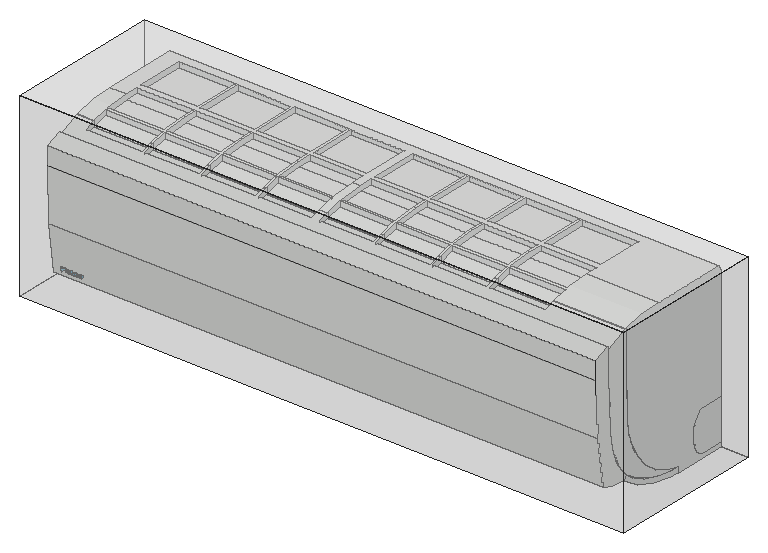
Revit family "outputfile", category 機械設備, Revit 2024 (continued)
Definition of nested family "DAIKIN_indoorunit_FTKC-TVM4"
  Automatic sketch dimensions
    Extrusion 23 sketch curve to level = 250.0 mm
    Extrusion 23 sketch curve to Extrusion 23 sketch curve = 229.518 mm
    Extrusion 23 sketch curve to Extrusion 23 sketch curve = 9.433 mm
    plane 1 "Center (Front/Back)" to Extrusion 25 sketch curve = 0.0 mm
    plane 1 "Center (Front/Back)" to Extrusion 25 sketch curve = 35.8 mm
    Extrusion 25 sketch curve to Extrusion 25 sketch curve = 0.0 mm
    Extrusion 25 sketch curve to Extrusion 25 sketch curve = 24.0 mm
    Extrusion 25 sketch curve to level = 287.0 mm
    Extrusion 25 sketch curve to Extrusion 25 sketch curve = 24.6 mm
    plane 1 "Center (Front/Back)" to Extrusion 26 sketch curve = 0.0 mm
    plane 1 "Center (Front/Back)" to Extrusion 26 sketch curve = 35.8 mm
    Extrusion 26 sketch curve to Extrusion 26 sketch curve = 0.0 mm
    Extrusion 26 sketch curve to Extrusion 26 sketch curve = 24.0 mm
    Extrusion 26 sketch curve to level = 287.0 mm
    Extrusion 26 sketch curve to Extrusion 26 sketch curve = 24.6 mm
    plane 8 to Extrusion 27 sketch curve = 48.0 mm
    plane 5 to Extrusion 27 sketch curve = 50.0 mm
    Extrusion 27 sketch curve to level = 250.5 mm  (x2)
    plane 1 "Center (Front/Back)" to Extrusion 28 sketch curve = 0.0 mm  (x2)
    plane 1 "Center (Front/Back)" to Extrusion 28 sketch curve = 35.8 mm  (x2)
    Extrusion 28 sketch curve to Extrusion 28 sketch curve = 0.0 mm  (x2)
    Extrusion 28 sketch curve to Extrusion 28 sketch curve = 24.0 mm  (x2)
    plane 8 to Extrusion 28 sketch curve = 26.2 mm
    Extrusion 28 sketch curve to Extrusion 28 sketch curve = 24.6 mm  (x2)
    plane 5 to Extrusion 28 sketch curve = 11.2 mm
    plane 8 to Extrusion 24 sketch curve = 30.0 mm  (x2)
    Extrusion 24 sketch curve to plane 6 = 10.1 mm  (x5)
    Extrusion 24 sketch curve to Extrusion 24 sketch curve = 0.0 mm  (x41)
    plane 4 to Extrusion 24 sketch curve = 22.0 mm
    Extrusion 24 sketch curve to Extrusion 24 sketch curve = 4.2 mm  (x18)
    Extrusion 24 sketch curve to Extrusion 24 sketch curve = 98.2 mm  (x4)
    Extrusion 24 sketch curve to plane 3 "Center (Left/Right)" = 57.0 mm
    Extrusion 24 sketch curve to Extrusion 24 sketch curve = 14.0 mm  (x2)
    plane 3 "Center (Left/Right)" to Extrusion 24 sketch curve = 54.0 mm
    plane 1 "Center (Front/Back)" to Extrusion 24 sketch curve = 22.7 mm  (x3)
    Extrusion 24 sketch curve to plane 5 = 20.0 mm
    Extrusion 24 sketch curve to Extrusion 24 sketch curve = 44.0 mm  (x5)
    Extrusion 24 sketch curve to Extrusion 24 sketch curve = 4.5 mm  (x4)
    Extrusion 24 sketch curve to Extrusion 24 sketch curve = 66.5 mm  (x4)
    Extrusion 24 sketch curve to Extrusion 24 sketch curve = 9.0 mm  (x4)
  Nested families
    nested 1: "daikin_logo_plane_w40" at (-320, -229.425, -231.122) x (1, 0, 0) z (0, -0.9656, -0.2599), visible <- "switch_unit1_15-35", type "daikin_logo_plane_w40"
      with show_logo yes
    nested 2: "daikin_logo_plane_w40" at (-430, -268.859, -227.4) x (1, 0, 0) z (0, -0.9839, -0.1789), visible <- "switch_unit1_50-71", type "daikin_logo_plane_w40"
      with show_logo yes
  Definition of nested family "daikin_logo_plane_w40"
    Parameters (values of type "daikin_logo_plane_w40")
      width = 40.0 mm
      show_logo [instance] = yes
      material = none
      height = 0.0 mm
      depth = 0.0 mm
      Default Elevation = 1219.2 mm
    Reference planes
      plane 1 "Center (Front/Back)": y = 0
      plane 2: z = 0
      plane 3 "Center (Left/Right)": x = 0
      plane 4: z = 2
      plane 5 "left": x = -19
      plane 6: x = 19
    Forms (mm)
      Extrusion 1, solid, visible <- "show_logo"
        sketch origin (-19, 0, 0) x (1, 0, 0) y (0, 1, 0)
          loop
            line (8.902, -1.878) -> (7.789, -6.332) -> (11.13, -6.332)
            arc (11.13, -6.332) -> (12.454, -6.064) -> (13.472, -5.176) r 2.642
            arc (13.472, -5.176) -> (13.92, -4.02) -> (13.767, -2.79) r 2.537
            arc (13.767, -2.79) -> (13.452, -2.342) -> (12.982, -2.06) r 1.321
            arc (12.982, -2.06) -> (12.063, -1.902) -> (11.13, -1.878) r 6.479
            line (11.13, -1.878) -> (8.902, -1.878)
          loop
            line (10.016, -5.441) -> (10.907, -5.441)
            arc (10.907, -5.441) -> (11.591, -4.983) -> (11.988, -4.261) r 1.742
            spline (11.988, -4.261) -> (12.01, -4.155) -> (12.027, -4.03) -> (12.037, -3.893) -> (12.037, -3.747) -> (12.026, -3.598) -> (12.002, -3.451) -> (11.962, -3.31) -> (11.905, -3.181) -> (11.829, -3.069) -> (11.731, -2.978) -> (11.61, -2.913) -> (11.464, -2.88)
            line (11.464, -2.88) -> (10.573, -2.88) -> (10.016, -5.441)
          loop
            line (13.58, -6.332) -> (14.805, -6.332) -> (15.223, -5.553) -> (16.977, -5.553) -> (17.144, -6.332) -> (19.149, -6.332) -> (18.258, -1.878) -> (16.03, -1.878) -> (13.58, -6.332)
          loop
            line (16.476, -3.214) -> (15.76, -4.551) -> (16.762, -4.551) -> (16.476, -3.214)
          loop
            line (19.705, -6.332) -> (21.599, -6.332) -> (22.712, -1.878) -> (20.819, -1.878) -> (19.705, -6.332)
          loop
            line (22.712, -6.332) -> (24.606, -6.332) -> (24.908, -5.122) -> (25.831, -6.332) -> (28.17, -6.332) -> (26.388, -3.994) -> (28.949, -1.878) -> (26.945, -1.878) -> (25.401, -3.153) -> (25.719, -1.878) -> (23.826, -1.878) -> (22.712, -6.332)
          loop
            line (29.84, -1.878) -> (28.615, -6.332) -> (30.62, -6.332) -> (31.734, -1.878) -> (29.84, -1.878)
          loop
            line (31.734, -6.332) -> (33.07, -6.332) -> (33.7, -3.814) -> (34.518, -6.332) -> (36.745, -6.332) -> (37.859, -1.878) -> (36.523, -1.878) -> (35.845, -4.589) -> (34.963, -1.878) -> (32.847, -1.878) -> (31.734, -6.332)
        from 0 to 2
      Extrusion 2, solid, visible <- "show_logo"
        sketch origin (-19, 0, 0) x (1, 0, 0) y (0, 1, 0)
          loop
            line (8.7, 0) -> (4.235, 0) -> (0, -3.879) -> (0, -8) -> (8.7, 0)
        from 0 to 2
      Extrusion 3, solid, visible <- "show_logo"
        sketch origin (-19, 0, 0) x (1, 0, 0) y (0, 1, 0)
          loop
            line (0, 0) -> (0, -3.879) -> (4.235, 0) -> (0, 0)
        from 0 to 2
    Dimensions and locks
      plane 4 to plane 2 = 2.0 mm
      equal spacing: plane 5 "left", plane 3 "Center (Left/Right)", plane 6
      locked: plane 5 "left" to plane 6 at 38
      aligned and locked: level to plane 2
      aligned and locked: Extrusion 3 to plane 1 "Center (Front/Back)"  (x2)
      aligned and locked: Extrusion 2 to plane 1 "Center (Front/Back)"  (x2)
      aligned and locked: plane 4 to Extrusion 1
      aligned and locked: plane 4 to Extrusion 3
      aligned and locked: plane 4 to Extrusion 2
      aligned and locked: Extrusion 3 to plane 5 "left"
      aligned and locked: Extrusion 2 to plane 5 "left"
    Automatic sketch dimensions
      Extrusion 1 sketch curve to Extrusion 1 sketch curve = 0.901 mm
      Extrusion 1 sketch curve to Extrusion 1 sketch curve = 1.559 mm
      Extrusion 1 sketch curve to Extrusion 1 sketch curve = 1.327 mm
      Extrusion 1 sketch curve to Extrusion 1 sketch curve = 2.145 mm
      Extrusion 1 sketch curve to Extrusion 1 sketch curve = 1.448 mm
      Extrusion 1 sketch curve to Extrusion 1 sketch curve = 2.116 mm
      Extrusion 1 sketch curve to Extrusion 1 sketch curve = 1.114 mm  (x4)
      Extrusion 1 sketch curve to Extrusion 1 sketch curve = 1.336 mm  (x2)
      plane 1 "Center (Front/Back)" to Extrusion 1 sketch curve = 1.878 mm  (x5)
      Extrusion 1 sketch curve to Extrusion 1 sketch curve = 1.893 mm  (x5)
      Extrusion 1 sketch curve to Extrusion 1 sketch curve = 0.891 mm  (x4)
      Extrusion 1 sketch curve to Extrusion 1 sketch curve = 2.005 mm  (x3)
      Extrusion 1 sketch curve to Extrusion 1 sketch curve = 0.445 mm  (x2)
      plane 1 "Center (Front/Back)" to Extrusion 1 sketch curve = 3.994 mm
      Extrusion 1 sketch curve to Extrusion 1 sketch curve = 0.557 mm  (x2)
      Extrusion 1 sketch curve to Extrusion 1 sketch curve = 2.339 mm  (x2)
      Extrusion 1 sketch curve to Extrusion 1 sketch curve = 1.225 mm  (x3)
      plane 1 "Center (Front/Back)" to Extrusion 1 sketch curve = 3.153 mm
      Extrusion 1 sketch curve to Extrusion 1 sketch curve = 0.987 mm
      plane 1 "Center (Front/Back)" to Extrusion 1 sketch curve = 5.122 mm
      Extrusion 1 sketch curve to Extrusion 1 sketch curve = 0.922 mm
      plane 1 "Center (Front/Back)" to Extrusion 1 sketch curve = 6.332 mm
      Extrusion 1 sketch curve to Extrusion 1 sketch curve = 2.562 mm
      plane 1 "Center (Front/Back)" to Extrusion 1 sketch curve = 5.553 mm
      Extrusion 1 sketch curve to Extrusion 1 sketch curve = 0.167 mm
      Extrusion 1 sketch curve to Extrusion 1 sketch curve = 0.215 mm
      plane 1 "Center (Front/Back)" to Extrusion 1 sketch curve = 3.214 mm
      Extrusion 1 sketch curve to Extrusion 1 sketch curve = 0.286 mm
      plane 1 "Center (Front/Back)" to Extrusion 1 sketch curve = 4.551 mm
      Extrusion 1 sketch curve to Extrusion 1 sketch curve = 1.002 mm
      Extrusion 1 sketch curve to Extrusion 1 sketch curve = 0.537 mm
      Extrusion 1 sketch curve to Extrusion 1 sketch curve = 0.418 mm
      Extrusion 1 sketch curve to Extrusion 1 sketch curve = 1.028 mm
      plane 1 "Center (Front/Back)" to Extrusion 1 sketch curve = 4.261 mm
      Extrusion 1 sketch curve to Extrusion 1 sketch curve = 0.563 mm
      plane 1 "Center (Front/Back)" to Extrusion 1 sketch curve = 2.88 mm
      Extrusion 1 sketch curve to Extrusion 1 sketch curve = 1.088 mm
      Extrusion 1 sketch curve to Extrusion 1 sketch curve = 2.152 mm
      Extrusion 1 sketch curve to Extrusion 1 sketch curve = 0.586 mm
      Extrusion 1 sketch curve to Extrusion 1 sketch curve = 0.118 mm
      Extrusion 1 sketch curve to Extrusion 1 sketch curve = 0.298 mm
      Extrusion 1 sketch curve to Extrusion 1 sketch curve = 0.334 mm
      Extrusion 1 sketch curve to Extrusion 1 sketch curve = 0.223 mm
      Extrusion 1 sketch curve to Extrusion 1 sketch curve = 0.266 mm
      Extrusion 1 sketch curve to Extrusion 1 sketch curve = 1.671 mm
      Extrusion 1 sketch curve to Extrusion 1 sketch curve = 2.227 mm
      Extrusion 1 sketch curve to Extrusion 1 sketch curve = 0.0 mm  (x7)
      Extrusion 1 sketch curve to Extrusion 1 sketch curve = 3.453 mm
      Extrusion 1 sketch curve to Extrusion 1 sketch curve = 2.017 mm
      Extrusion 1 sketch curve to Extrusion 1 sketch curve = 0.78 mm  (x2)
      Extrusion 1 sketch curve to Extrusion 1 sketch curve = 1.743 mm
      Extrusion 1 sketch curve to Extrusion 1 sketch curve = 0.775 mm
      Extrusion 1 sketch curve to Extrusion 1 sketch curve = 0.552 mm
      Extrusion 1 sketch curve to Extrusion 1 sketch curve = 0.014 mm
      Extrusion 1 sketch curve to Extrusion 1 sketch curve = 0.952 mm
      Extrusion 1 sketch curve to Extrusion 1 sketch curve = 1.215 mm
      Extrusion 1 sketch curve to Extrusion 1 sketch curve = 0.108 mm
      plane 1 "Center (Front/Back)" to Extrusion 2 sketch curve = 0.0 mm
      Extrusion 2 sketch curve to plane 3 "Center (Left/Right)" = 19.0 mm
      Extrusion 2 sketch curve to plane 3 "Center (Left/Right)" = 14.765 mm
      Extrusion 2 sketch curve to Extrusion 2 sketch curve = 4.465 mm
      plane 1 "Center (Front/Back)" to Extrusion 2 sketch curve = 3.879 mm
      Extrusion 2 sketch curve to Extrusion 2 sketch curve = 4.12 mm
      plane 1 "Center (Front/Back)" to Extrusion 3 sketch curve = 0.0 mm
      Extrusion 3 sketch curve to plane 3 "Center (Left/Right)" = 19.0 mm
      Extrusion 3 sketch curve to plane 3 "Center (Left/Right)" = 14.765 mm
      plane 1 "Center (Front/Back)" to Extrusion 3 sketch curve = 3.879 mm
      Extrusion 1 sketch curve to plane 3 "Center (Left/Right)" = 11.211 mm
      Extrusion 1 sketch curve to Extrusion 1 sketch curve = 1.782 mm
Definition of nested family "daikin_connector_rotate3"
  Parameters (values of type "daikin_connector_rotate3")
    show [instance] = yes
    radius [instance] = 10.0 mm
    length [instance] = 600.0 mm
    angle_horizontal [instance] = 60.00°
    angle_vertical [instance] = 90.00°
    Default Elevation = 1219.2 mm
  Reference planes
    plane 1 "Center (Front/Back)": y = 0
    plane 2: z = 0
    plane 3 "Center (Left/Right)": x = 0
  Dimensions and locks
    "angle_horizontal": angle plane 3 "Center (Left/Right)" to nested 1
    aligned and locked: level to plane 2
    aligned and locked: plane 1 "Center (Front/Back)" to nested 1  (x2)
    aligned and locked: plane 3 "Center (Left/Right)" to nested 1
  Nested families
    nested 1: "daikin_connector_rotate2" at (0, 0, 0) x (0.5, 0.866, 0) z (0, 0, 1), angle_vertical <- "angle_vertical", length <- "length", radius <- "radius", type "daikin_connector_rotate2"
      with radius 10.0 mm, length 600.0 mm, angle_vertical 90.00°
  Definition of nested family "daikin_connector_rotate2"
    Parameters (values of type "daikin_connector_rotate2")
      show_face = yes
      radius [instance] = 10.0 mm
      length [instance] = 600.0 mm
      d_surface = 10.0 mm
      angle_vertical [instance] = 90.00°
      Default Elevation = 0.0 mm
    Reference planes
      plane 1 "Center (Front/Back)": y = 0
      plane 2: z = 0
      plane 3 "Center (Left/Right)": x = 0
    Forms (mm)
      Extrusion 1, solid, visible <- "show_face"
        sketch origin (0, -600, 0) x (1, 0, 0) y (0, 0, 1)
          loop
            circle (0, 0) r 10
        from 0 to -10
    Lines and regions (mm)
      reference lines
        curve 1: line (0, 0, 0) -> (0, -600, 0)
      symbolic lines
        curve 2: circle (0, 0, 0) r 5 normal (0, 0, 1)
      model lines, visible <- "show_face"
        curve 3: line (0, 0, 0) -> (0, -600, 0)
    Dimensions and locks
      "length": curve 1 to curve 1
      "length": curve 3 to curve 3
      "d_surface": Extrusion 1 to Extrusion 1
      "radius": radius of Extrusion 1 sketch curve
      "angle_vertical": angle curve 1 to plane 1 "Center (Front/Back)"
      "angle_vertical": angle curve 3 to plane 1 "Center (Front/Back)"
      aligned and locked: level to plane 2
      aligned and locked: plane 1 "Center (Front/Back)" to curve 1
      aligned and locked: plane 2 to curve 1
      aligned and locked: plane 1 "Center (Front/Back)" to curve 2
      aligned and locked: plane 3 "Center (Left/Right)" to curve 2
      aligned and locked: plane 1 "Center (Front/Back)" to curve 3
      aligned and locked: plane 2 to curve 3
      aligned and locked: Extrusion 1 to Extrusion 1
    Automatic sketch dimensions
      Extrusion 1 sketch curve to level = 0.0 mm
      Extrusion 1 sketch curve to plane 3 "Center (Left/Right)" = 0.0 mm
      radius of curve 2 = 5.0 mm
